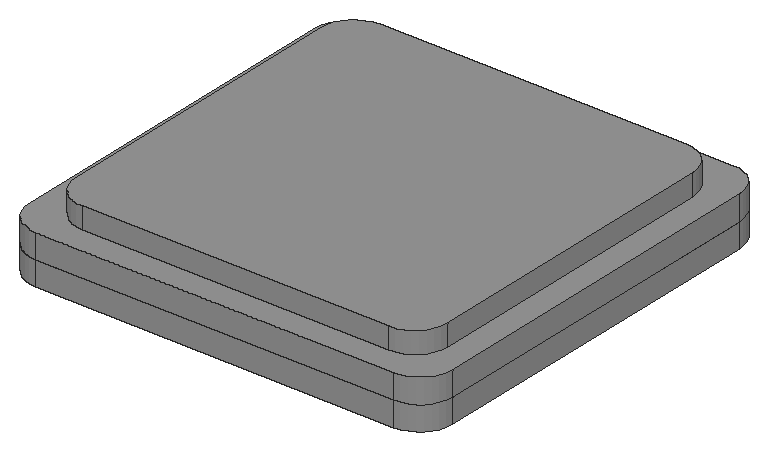
Revit family "FMS2_63_UN_Surface-mounted_ETK", category Lighting Fixtures, Revit 2019 (continued)
Definition of nested family "FMS.2 - Lightsource"
  Types (14, lengths in mm): name | Wattage Comments | Wattage | built-in parameter 1150134 | Photometric Web File | built-in parameter 1150142 | built-in parameter 1150105 | Lumens | built-in parameter 1150107 | built-in parameter 1150106 | Apparent Load
      8074\t980.235\t979.6626\t978.804\r\n977.9454\t976.8006\t975.942\t974.7972\t973.9386\t972.7938\t971.649\t970.5042\t969.0732\t967.9284\r\n966.7836\t965.3526\t963.9216\t962.7768\t961.0596\t959.3424\t957.9114\t956.1942\t954.7632\t951.9012\r\n949.0392\t946.1772\t943.3152\t940.167\t937.0188\t933.8706\t930.4362\t927.288\t923.8536\t920.7054\r\n917.5572\t914.409\t910.9746\t907.5402\t903.8196\t900.099\t896.6646\t892.944\t889.2234\t885.5028\r\n882.0684\t878.3478\t874.341\t870.6204\t866.8998\t862.3206\t857.4552\t852.5898\t847.4382\t842.0004\r\n836.8488\t831.411\t826.2594\t821.1078\t815.9562\t810.8046\t805.653\t800.5014\t795.3498\t789.912\r\n784.7604\t779.6088\t774.4572\t769.5918\t764.4402\t758.7162\t753.2784\t747.8406\t742.4028\t736.3926\r\n730.0962\t723.5136\t716.931\t710.3484\t704.052\t697.4694\t690.8868\t684.3042\t678.0078\t671.4252\r\n665.1288\t658.5462\t651.9636\t645.6672\t639.0846\t632.502\t625.9194\t619.3368\t612.7542\t606.1716\r\n599.3028\t591.8616\t584.7066\t577.2654\t570.1104\t562.6692\t555.228\t548.073\t540.6318\t533.1906\r\n525.7494\t518.3082\t510.867\t503.4258\t496.2708\t488.8296\t481.6746\t474.5196\t467.3646\t459.9234\r\n452.196\t444.1824\t436.455\t428.4414\t420.4278\t412.7004\t404.6868\t396.9594\t389.232\t381.2184\r\n373.491\t365.7636\t358.0362\t350.3088\t342.5814\t334.854\t327.1266\t319.113\t311.3856\t303.6582\r\n295.9308\t288.2034\t280.4474\t272.7772\t265.1357\t257.5228\t249.9098\t242.3255\t234.7699\t227.2428\r\n219.7157\t212.2173\t205.1482\t198.1363\t191.153\t184.1697\t177.2437\t170.289\t163.3916\t156.4942\r\n149.5967\t142.7279\t135.8591\t129.0476\t122.2074\t115.4245\t106.7812\t91.355\t75.9289\t60.4741\r\n45.0479\t29.6217\t14.1955\t0\t0\t0\t0\t0\t0\t0\r\n0\r\n985.1004\t983.9556\t983.097\t981.9522\t981.3798\t981.0936\t980.5212\t979.9488\t979.3764\t978.804\r\n977.9454\t976.8006\t975.942\t974.7972\t973.9386\t972.7938\t971.9352\t970.7904\t969.6456\t968.5008\r\n967.0698\t965.925\t964.7802\t963.6354\t962.2044\t961.0596\t959.3424\t956.4804\t953.6184\t950.7564\r\n947.8944\t945.0324\t942.1704\t939.3084\t936.4464\t933.2982\t930.15\t927.0018\t923.8536\t920.7054\r\n917.5572\t914.1228\t910.9746\t907.8264\t904.6782\t901.53\t898.0956\t894.9474\t891.513\t887.7924\r\n884.0718\t880.3512\t875.4858\t870.9066\t866.0412\t861.1758\t856.3104\t851.445\t846.5796\t841.7142\r\n836.8488\t831.9834\t826.8318\t821.9664\t817.101\t812.2356\t807.084\t801.9324\t797.067\t791.9154\r\n786.7638\t781.6122\t776.7468\t771.309\t766.1574\t759.861\t753.5646\t747.2682\t740.9718\t734.6754\r\n728.9514\t722.9412\t716.931\t710.6346\t704.3382\t698.0418\t691.7454\t685.1628\t678.8664\t672.2838\r\n665.9874\t659.691\t653.3946\t647.3844\t641.088\t634.7916\t627.6366\t620.4816\t613.0404\t605.8854\r\n598.7304\t591.5754\t584.4204\t577.2654\t570.1104\t562.9554\t555.8004\t548.6454\t541.4904\t534.3354\r\n527.4666\t520.3116\t513.1566\t506.0016\t499.1328\t491.6916\t483.9642\t476.2368\t468.5094\t460.782\r\n453.0546\t445.3272\t437.3136\t429.5862\t421.5726\t413.8452\t406.1178\t398.3904\t390.663\t382.9356\r\n375.4944\t368.0532\t360.3258\t352.5984\t344.5848\t336.8574\t328.8438\t321.1164\t313.1028\t305.3754\r\n297.648\t289.9206\t282.2218\t274.5517\t266.8529\t259.2113\t251.5698\t243.9283\t236.2867\t228.731\r\n221.576\t214.421\t207.2947\t200.1683\t193.0705\t186.0014\t178.9609\t171.9203\t164.9084\t157.8965\r\n150.8846\t143.9014\t136.9467\t129.992\t123.0374\t112.82\t97.4225\t82.0249\t66.656\t51.2584\r\n35.8609\t20.4862\t5.1001\t0\t0\t0\t0\t0\t0\t0\r\n0\r\n985.1004\t983.9556\t983.097\t981.9522\t981.3798\t980.8074\t980.235\t979.6626\t979.0902\t978.5178\r\n977.9454\t977.0868\t975.942\t975.0834\t974.2248\t973.08\t972.2214\t971.0766\t970.218\t969.0732\r\n967.6422\t966.4974\t965.3526\t964.2078\t963.3492\t961.0596\t958.1976\t955.6218\t952.7598\t949.8978\r\n947.0358\t944.1738\t941.3118\t938.4498\t935.5878\t932.7258\t929.8638\t927.0018\t924.1398\t921.2778\r\n918.1296\t914.9814\t911.8332\t908.685\t905.5368\t902.3886\t899.2404\t896.0922\t892.944\t888.3648\r\n883.7856\t879.2064\t874.6272\t870.048\t865.1826\t860.6034\t855.738\t851.1588\t846.2934\t841.7142\r\n836.8488\t832.2696\t827.4042\t822.5388\t817.6734\t812.808\t807.9426\t803.3634\t798.7842\t793.9188\r\n789.3396\t783.6156\t777.6054\t771.5952\t765.585\t759.5748\t753.5646\t747.5544\t741.258\t735.2478\r\n728.9514\t722.655\t716.6448\t710.3484\t704.3382\t698.0418\t692.0316\t686.0214\t679.725\t673.7148\r\n667.7046\t661.6944\t655.1118\t648.243\t641.3742\t634.5054\t627.3504\t620.4816\t613.6128\t606.4578\r\n599.589\t592.434\t585.279\t578.4102\t571.2552\t564.3864\t557.2314\t550.3626\t543.4938\t536.625\r\n529.47\t522.6012\t514.5876\t506.8602\t499.1328\t491.4054\t483.678\t475.9506\t468.5094\t460.782\r\n453.3408\t445.6134\t438.1722\t430.4448\t423.0036\t415.2762\t407.5488\t400.1076\t392.6664\t384.939\r\n377.2116\t369.4842\t361.4706\t353.7432\t346.0158\t338.0022\t330.2748\t322.5474\t314.82\t307.0926\r\n299.3652\t291.6378\t283.7673\t276.0685\t268.3697\t260.671\t253.0008\t245.3879\t238.147\t230.9062\r\n223.6653\t216.4244\t209.2122\t202.0286\t194.845\t187.6613\t180.4777\t173.3227\t166.1677\t159.0413\r\n151.915\t144.7886\t137.6908\t130.5931\t119.8606\t104.4916\t89.1227\t73.7537\t58.4134\t43.0445\r\n27.6784\t12.3152\t0\t0\t0\t0\t0\t0\t0\t0\r\n0\r\n985.1004\t983.9556\t983.097\t982.2384\t981.0936\t980.5212\t979.9488\t979.3764\t978.804\t978.2316\r\n977.6592\t976.8006\t976.2282\t975.3696\t974.2248\t973.3662\t972.5076\t971.649\t970.5042\t969.6456\r\n968.787\t967.6422\t966.4974\t965.0664\t962.4906\t959.9148\t957.339\t954.7632\t952.1874\t949.3254\r\n946.7496\t943.8876\t941.0256\t938.1636\t935.5878\t932.7258\t929.8638\t927.0018\t924.1398\t921.2778\r\n918.4158\t915.5538\t912.6918\t909.8298\t906.9678\t903.8196\t900.3852\t896.0922\t891.513\t887.22\r\n882.6408\t878.0616\t873.4824\t869.1894\t864.6102\t860.031\t855.738\t851.1588\t846.5796\t842.0004\r\n837.4212\t832.5558\t827.9766\t823.3974\t818.8182\t814.239\t809.6598\t805.3668\t799.929\t793.9188\r\n788.1948\t782.1846\t776.4606\t770.4504\t764.7264\t758.7162\t752.9922\t746.982\t741.258\t735.534\r\n729.5238\t723.7998\t718.0758\t712.0656\t706.0554\t700.0452\t694.3212\t688.311\t682.3008\t675.432\r\n668.5632\t661.6944\t654.8256\t647.9568\t641.088\t634.2192\t627.3504\t620.4816\t613.6128\t606.744\r\n599.8752\t593.2926\t586.4238\t579.555\t572.9724\t566.1036\t559.2348\t552.6522\t545.7834\t538.3422\r\n530.6148\t522.8874\t515.16\t507.7188\t499.9914\t492.264\t484.8228\t477.3816\t469.6542\t462.213\r\n454.7718\t447.0444\t439.6032\t432.162\t424.4346\t416.9934\t409.5522\t401.8248\t394.0974\t386.0838\r\n378.3564\t370.629\t362.6154\t354.888\t347.1606\t339.147\t331.4196\t323.6922\t315.9648\t307.9512\r\n300.2238\t292.4964\t284.8835\t277.1847\t269.4859\t261.7871\t254.489\t247.1623\t239.8642\t232.5661\r\n225.268\t217.9985\t210.7004\t203.431\t196.1615\t188.892\t181.6225\t174.3817\t167.1408\t159.8999\r\n152.6877\t145.4755\t138.2346\t128.0745\t112.7056\t97.3366\t81.9677\t66.5987\t51.2298\t35.8609\r\n20.5005\t5.1344\t0\t0\t0\t0\t0\t0\t0\t0\r\n0\r\n985.1004\t983.9556\t983.097\t982.2384\t981.3798\t980.5212\t979.9488\t979.3764\t978.804\t977.9454\r\n977.373\t976.5144\t975.942\t975.0834\t974.511\t973.6524\t972.7938\t971.9352\t971.0766\t970.218\r\n969.0732\t968.2146\t967.356\t964.7802\t962.2044\t959.6286\t956.7666\t954.1908\t951.3288\t948.753\r\n946.1772\t943.6014\t940.7394\t938.1636\t935.5878\t932.7258\t929.8638\t927.288\t924.426\t921.564\r\n918.9882\t916.1262\t913.5504\t910.6884\t907.5402\t903.5334\t899.2404\t894.9474\t890.6544\t886.3614\r\n882.0684\t877.7754\t873.4824\t869.1894\t864.8964\t860.6034\t856.3104\t851.7312\t847.4382\t843.1452\r\n838.566\t833.9868\t829.4076\t824.8284\t820.2492\t815.9562\t810.2322\t804.5082\t798.7842\t793.0602\r\n787.6224\t781.6122\t775.8882\t770.4504\t764.7264\t759.0024\t753.2784\t747.5544\t741.8304\t735.8202\r\n730.0962\t724.086\t718.362\t712.638\t706.914\t701.4762\t695.466\t688.5972\t682.0146\t675.1458\r\n668.5632\t661.9806\t655.1118\t648.5292\t641.6604\t635.0778\t628.209\t621.6264\t614.7576\t608.175\r\n601.3062\t594.7236\t587.8548\t581.2722\t574.4034\t567.8208\t560.6658\t553.2246\t545.4972\t538.056\r\n530.6148\t522.8874\t515.4462\t508.005\t500.5638\t492.8364\t485.3952\t477.954\t470.5128\t463.0716\r\n455.6304\t448.1892\t440.748\t433.3068\t425.8656\t418.4244\t410.4108\t402.6834\t394.956\t386.9424\r\n379.215\t371.4876\t363.7602\t355.7466\t348.0192\t340.2918\t332.5644\t324.837\t317.1096\t309.3822\r\n301.3686\t293.6412\t286.0283\t278.2723\t270.7166\t263.3326\t255.9487\t248.5647\t241.2094\t233.854\r\n226.4987\t219.1433\t211.8166\t204.4613\t197.1346\t189.8078\t182.5097\t175.183\t167.8563\t160.5582\r\n153.2601\t145.962\t137.376\t121.9784\t106.6095\t91.2406\t75.843\t60.4741\t45.1051\t29.7076\r\n14.3443\t0\t0\t0\t0\t0\t0\t0\t0\t0\r\n0\r\n985.1004\t984.2418\t983.097\t982.2384\t981.3798\t980.5212\t979.9488\t979.0902\t978.5178\t977.9454\r\n977.0868\t976.5144\t975.6558\t975.0834\t974.2248\t973.6524\t972.7938\t972.2214\t971.3628\t970.5042\r\n969.6456\t968.787\t966.7836\t964.2078\t961.632\t959.0562\t956.7666\t954.1908\t951.615\t949.0392\r\n946.4634\t943.6014\t941.0256\t938.1636\t935.5878\t933.012\t930.15\t927.5742\t924.9984\t922.4226\r\n919.5606\t916.9848\t914.1228\t910.6884\t906.3954\t902.1024\t898.0956\t893.8026\t889.5096\t885.5028\r\n881.2098\t877.203\t872.91\t868.9032\t864.6102\t860.6034\t856.3104\t852.0174\t847.7244\t843.4314\r\n839.4246\t835.1316\t830.8386\t826.5456\t821.1078\t815.67\t809.946\t804.5082\t798.7842\t793.0602\r\n787.3362\t781.6122\t775.8882\t770.4504\t764.7264\t759.0024\t753.2784\t747.5544\t741.8304\t736.1064\r\n730.3824\t724.6584\t718.9344\t713.4966\t707.4864\t700.9038\t694.6074\t688.0248\t681.4422\t674.8596\r\n668.5632\t661.6944\t655.1118\t648.5292\t641.9466\t635.364\t628.7814\t622.1988\t615.33\t608.7474\r\n602.1648\t595.296\t588.7134\t582.1308\t575.262\t567.8208\t560.3796\t552.9384\t545.4972\t538.056\r\n530.6148\t523.1736\t515.7324\t508.5774\t501.1362\t493.695\t486.2538\t479.0988\t471.6576\t464.2164\r\n456.7752\t449.334\t441.8928\t434.4516\t426.7242\t418.9968\t410.9832\t403.2558\t395.5284\t387.801\r\n380.0736\t372.06\t364.3326\t356.6052\t348.8778\t341.1504\t333.423\t325.6956\t317.9682\t310.2408\r\n302.5134\t294.786\t287.0586\t279.5602\t272.1476\t264.7064\t257.2938\t249.8526\t242.44\t235.0274\r\n227.6149\t220.2023\t212.8183\t205.4344\t198.0218\t190.6378\t183.2539\t175.8699\t168.5146\t161.1306\r\n153.7753\t146.3913\t132.482\t117.0558\t101.6582\t86.2607\t70.8631\t55.4656\t40.0394\t24.6475\r\n9.2471\t0\t0\t0\t0\t0\t0\t0\t0\t0\r\n0\r\n985.1004\t984.2418\t983.3832\t982.5246\t981.666\t980.8074\t979.9488\t979.0902\t978.5178\t977.9454\r\n977.0868\t976.5144\t975.6558\t975.0834\t974.2248\t973.6524\t972.7938\t971.9352\t971.3628\t970.5042\r\n969.9318\t968.5008\t966.2112\t963.6354\t961.3458\t958.77\t956.1942\t953.6184\t951.3288\t948.753\r\n946.1772\t943.6014\t941.3118\t938.736\t936.1602\t933.5844\t931.0086\t928.4328\t925.857\t923.2812\r\n920.7054\t917.8434\t914.1228\t910.116\t905.823\t901.8162\t897.5232\t893.5164\t889.2234\t885.2166\r\n881.2098\t876.9168\t872.91\t868.9032\t864.6102\t860.6034\t856.5966\t852.5898\t848.2968\t844.0038\r\n839.997\t835.704\t831.1248\t825.687\t820.2492\t814.8114\t809.0874\t803.6496\t798.2118\t792.774\r\n787.05\t781.6122\t776.1744\t770.4504\t765.0126\t759.2886\t753.8508\t748.1268\t742.689\t736.965\r\n731.5272\t725.8032\t720.0792\t713.4966\t707.2002\t700.6176\t694.035\t687.4524\t680.8698\t674.5734\r\n667.9908\t661.4082\t655.1118\t648.5292\t641.9466\t635.6502\t629.0676\t622.485\t615.9024\t609.606\r\n603.0234\t596.4408\t590.1444\t582.7032\t575.262\t567.8208\t560.6658\t553.2246\t545.7834\t538.3422\r\n531.1872\t523.746\t516.3048\t508.8636\t501.7086\t494.2674\t486.8262\t479.6712\t472.23\t464.7888\r\n457.6338\t450.1926\t442.7514\t435.024\t427.2966\t419.5692\t411.8418\t403.8282\t396.1008\t388.3734\r\n380.646\t372.9186\t365.1912\t357.4638\t349.7364\t342.009\t334.2816\t326.5542\t318.8268\t311.0994\r\n303.0858\t295.3584\t287.9172\t280.476\t273.0062\t265.565\t258.0952\t250.654\t243.2128\t235.7429\r\n228.3017\t220.8605\t213.4193\t205.9781\t198.5369\t191.0957\t183.6832\t176.242\t168.8008\t161.3882\r\n153.947\t143.8727\t128.4752\t113.0776\t97.6514\t82.2539\t66.8563\t51.4301\t36.0326\t20.6293\r\n5.2232\t0\t0\t0\t0\t0\t0\t0\t0\t0\r\n0\r\n985.1004\t984.2418\t983.3832\t982.5246\t981.666\t981.0936\t980.235\t979.3764\t978.804\t977.9454\r\n977.373\t976.5144\t975.942\t975.3696\t974.511\t973.9386\t973.08\t972.5076\t971.649\t970.7904\r\n970.218\t968.2146\t965.6388\t963.063\t960.7734\t958.1976\t955.908\t953.3322\t951.0426\t948.4668\r\n945.891\t943.6014\t941.0256\t938.736\t936.1602\t933.8706\t931.2948\t928.719\t926.1432\t923.8536\r\n921.2778\t918.1296\t913.8366\t909.8298\t905.823\t901.8162\t897.8094\t893.8026\t889.5096\t885.5028\r\n881.496\t877.4892\t873.1962\t869.1894\t864.8964\t860.8896\t856.8828\t852.5898\t848.583\t844.5762\r\n840.2832\t835.9902\t830.2662\t824.8284\t819.3906\t813.9528\t808.515\t803.0772\t797.6394\t792.4878\r\n787.05\t781.6122\t776.1744\t770.7366\t765.2988\t759.861\t754.4232\t748.9854\t743.5476\t738.1098\r\n732.672\t727.2342\t720.6516\t714.069\t707.4864\t700.9038\t694.6074\t688.0248\t681.4422\t674.8596\r\n668.277\t661.9806\t655.398\t648.8154\t642.2328\t635.9364\t629.3538\t622.7712\t616.4748\t609.8922\r\n603.3096\t596.727\t589.572\t582.1308\t574.9758\t567.8208\t560.3796\t553.2246\t545.7834\t538.6284\r\n531.1872\t524.0322\t516.591\t509.436\t501.9948\t494.8398\t487.3986\t480.2436\t472.8024\t465.6474\r\n458.2062\t450.765\t443.0376\t435.3102\t427.5828\t419.8554\t412.128\t404.4006\t396.6732\t388.6596\r\n380.9322\t373.2048\t365.4774\t357.75\t350.0226\t342.2952\t334.5678\t326.8404\t319.113\t311.0994\r\n303.372\t295.9308\t288.4896\t280.9053\t273.4355\t265.937\t258.4672\t250.9974\t243.5276\t236.0578\r\n228.5879\t221.1181\t213.6769\t206.2071\t198.7373\t191.2675\t183.8263\t176.3564\t168.8866\t161.4454\r\n153.9756\t140.9535\t125.5559\t110.1298\t94.7322\t79.3346\t63.9371\t48.5395\t33.142\t17.7301\r\n2.3285\t0\t0\t0\t0\t0\t0\t0\t0\t0\r\n0\r\n985.1004\t984.2418\t983.3832\t982.8108\t981.9522\t981.0936\t980.5212\t979.6626\t978.804\t978.2316\r\n977.373\t976.8006\t975.942\t975.3696\t974.7972\t973.9386\t973.3662\t972.7938\t971.9352\t971.3628\r\n970.7904\t968.5008\t965.925\t963.6354\t961.0596\t958.4838\t956.1942\t953.6184\t951.0426\t948.4668\r\n946.1772\t943.6014\t941.0256\t938.736\t936.1602\t933.5844\t931.2948\t928.719\t926.4294\t923.8536\r\n921.2778\t917.5572\t913.5504\t909.5436\t905.5368\t901.53\t897.5232\t893.5164\t889.2234\t885.2166\r\n881.2098\t877.203\t873.1962\t869.1894\t865.1826\t861.1758\t857.169\t853.1622\t848.8692\t844.8624\r\n840.8556\t835.704\t830.2662\t824.8284\t819.3906\t813.9528\t808.515\t803.0772\t797.6394\t792.2016\r\n786.7638\t781.326\t775.8882\t770.4504\t765.0126\t759.5748\t754.137\t748.6992\t743.2614\t737.8236\r\n732.3858\t726.0894\t719.5068\t713.2104\t706.6278\t700.3314\t693.7488\t687.4524\t680.8698\t674.5734\r\n667.9908\t661.6944\t655.1118\t648.8154\t642.2328\t635.6502\t629.3538\t622.7712\t616.4748\t609.8922\r\n603.3096\t596.4408\t588.9996\t581.8446\t574.6896\t567.2484\t560.0934\t552.6522\t545.4972\t538.3422\r\n530.901\t523.746\t516.591\t509.1498\t501.9948\t494.5536\t487.3986\t480.2436\t472.8024\t465.6474\r\n458.2062\t450.765\t443.0376\t435.3102\t427.2966\t419.5692\t411.8418\t404.1144\t396.387\t388.6596\r\n380.9322\t373.2048\t365.4774\t357.75\t350.0226\t342.2952\t334.5678\t326.8404\t319.113\t311.3856\r\n303.6582\t296.217\t288.7758\t281.1915\t273.7217\t266.2519\t258.782\t251.3122\t243.8424\t236.3726\r\n228.8741\t221.4043\t213.9345\t206.4647\t198.9949\t191.525\t184.0552\t176.5854\t169.1156\t161.6458\r\n154.1473\t139.3222\t123.9246\t108.4984\t93.0722\t77.6747\t62.2485\t46.8223\t31.4248\t16.0014\r\n0.5838\t0\t0\t0\t0\t0\t0\t0\t0\t0\r\n0\r\n985.1004\t984.2418\t983.6694\t982.8108\t982.2384\t981.3798\t980.8074\t979.9488\t979.0902\t978.5178\r\n977.6592\t977.0868\t976.2282\t975.6558\t974.7972\t973.9386\t973.3662\t972.5076\t971.9352\t971.0766\r\n970.5042\t967.9284\t965.3526\t963.063\t960.4872\t958.1976\t955.6218\t953.3322\t950.7564\t948.4668\r\n945.891\t943.6014\t941.0256\t938.736\t936.1602\t933.5844\t931.2948\t928.719\t926.4294\t923.8536\r\n921.564\t917.5572\t913.5504\t909.5436\t905.2506\t901.2438\t897.237\t893.2302\t889.2234\t885.2166\r\n881.2098\t877.203\t873.1962\t869.1894\t865.1826\t861.1758\t856.8828\t852.876\t848.8692\t844.8624\r\n840.8556\t835.4178\t829.98\t824.5422\t819.3906\t813.9528\t808.515\t803.0772\t797.6394\t792.2016\r\n786.7638\t781.326\t775.8882\t770.4504\t765.2988\t759.861\t754.4232\t748.9854\t743.5476\t738.1098\r\n732.672\t726.3756\t719.793\t713.4966\t706.914\t700.3314\t694.035\t687.4524\t681.156\t674.5734\r\n668.277\t661.6944\t655.398\t648.8154\t642.2328\t635.9364\t629.3538\t623.0574\t616.4748\t610.1784\r\n603.5958\t596.4408\t588.9996\t581.8446\t574.6896\t567.2484\t560.0934\t552.6522\t545.4972\t538.3422\r\n530.901\t523.746\t516.591\t509.1498\t501.9948\t494.5536\t487.3986\t480.2436\t472.8024\t465.6474\r\n458.2062\t450.4788\t442.7514\t435.024\t427.2966\t419.5692\t411.8418\t404.1144\t396.387\t388.6596\r\n380.9322\t373.2048\t365.4774\t357.75\t350.0226\t342.2952\t334.5678\t326.8404\t319.113\t311.3856\r\n303.6582\t296.217\t288.7758\t281.2487\t273.7789\t266.3091\t258.8107\t251.3408\t243.871\t236.4012\r\n228.9028\t221.4329\t213.9631\t206.4933\t198.9949\t191.525\t184.0552\t176.5854\t169.087\t161.6171\r\n154.1473\t138.7211\t123.3236\t107.8974\t92.4998\t77.0737\t61.6475\t46.2499\t30.8237\t15.4147\r\n0\t0\t0\t0\t0\t0\t0\t0\t0\t0\r\n0\r\n985.1004\t984.2418\t983.6694\t982.8108\t981.9522\t981.0936\t980.5212\t979.6626\t978.804\t978.2316\r\n977.373\t976.5144\t975.942\t975.0834\t974.2248\t973.6524\t972.7938\t971.9352\t971.3628\t970.5042\r\n969.6456\t967.356\t965.0664\t962.4906\t960.201\t957.6252\t955.3356\t952.7598\t950.4702\t947.8944\r\n945.6048\t943.029\t940.7394\t938.1636\t935.874\t933.5844\t931.0086\t928.719\t926.1432\t923.8536\r\n921.2778\t917.5572\t913.5504\t909.5436\t905.5368\t901.53\t897.5232\t893.5164\t889.2234\t885.2166\r\n881.2098\t877.203\t873.1962\t868.9032\t864.8964\t860.8896\t856.8828\t852.5898\t848.583\t844.5762\r\n840.2832\t835.1316\t829.6938\t824.256\t818.8182\t813.3804\t807.9426\t802.5048\t797.067\t791.9154
